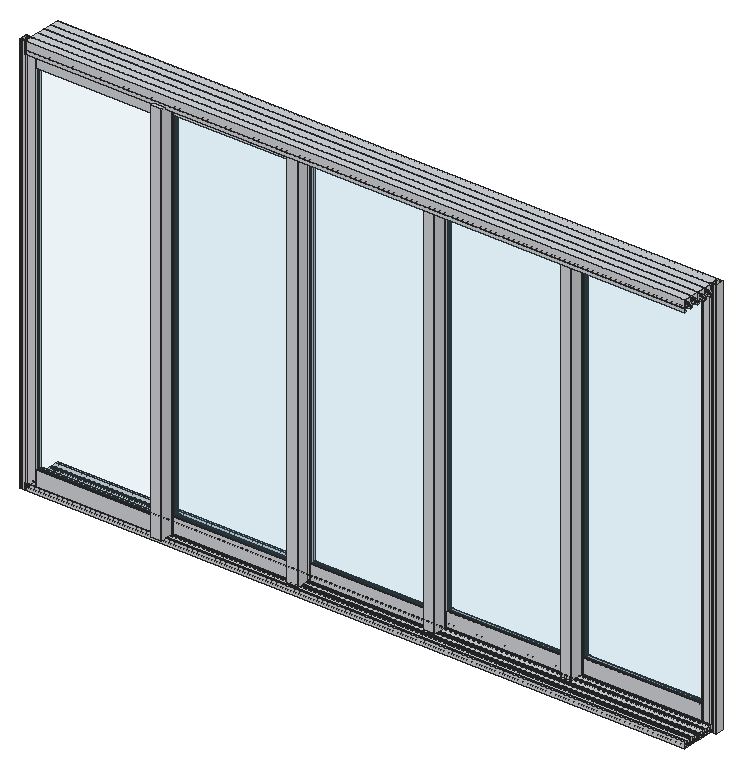
Revit family "MT-HB_SLIDING DOOR_XXXXX", category Doors, host Wall, Revit 2017 (continued)
Definition of nested family "HB_SLIDING_GLAZED PANEL_XX_TYPE 2"
  Definition of nested family "DETAIL_HB422_DBL_LOCK STILE"
    Lines and regions (mm)
      model lines, in view "Ref. Level"
        curve 115: line (78.4, -18.7, 0) -> (78.4, -16.4, 0)
        curve 116: line (78, -16, 0) -> (76.3, -16, 0)
        curve 117: line (76.1, -16.2, 0) -> (76.1, -16.6, 0)
        curve 118: line (76.3, -16.8, 0) -> (76.805, -16.8, 0)
        curve 119: line (77.205, -17.2, 0) -> (77.205, -17.791, 0)
        curve 120: arc (77.205, -17.791, 0) -> (77.169, -17.906, 0) -> (77.073, -17.979, 0) r 0.2
        curve 121: arc (77.073, -17.979, 0) -> (76.612, -18.129, 0) -> (76.142, -18.25, 0) r 7.567
Definition of nested family "HB_SLIDING_GLAZED PANEL_XXX"
  Parameters (values of type "SLIDING_GLAZED PANEL")
    YEAR = "2018"  # constant formula
    VERSION = "2.0"  # constant formula
    TODAYS DATE = "22/11/2018"  # constant formula
    Sash Material [instance] = none
    SINGLE GLAZED THICKNESS = 5 mm
    SINGLE GLAZED = not(DOUBLE GLAZED)  # no
    PANEL WIDTH = 1045.4 mm
    PANEL HEIGHT = 2890 mm
    JAMP WIDTH = if(DOUBLE GLAZED, 80 mm, 75 mm)  # 80 mm
    HEAD_JAMP HEIGHT = if(DOUBLE GLAZED, 79.5 mm, 80 mm)  # 79.5 mm
    GLAZED WIDTH [instance] = 901.4 mm
    GLAZED RAIL MATERIAL = none
    GLAZED MATERIAL = none
    Default Elevation = 1219.2 mm
    DOUBLE GLAZED THICKNESS = 18 mm
    DOUBLE GLAZED = yes
    CREATOR = "Scott Isouard"  # constant formula
    COMPANY = "Archvis"  # constant formula
    BOTTOM_JAMP HEIGHT = 120 mm  # constant formula
    Analytic Construction = "<None>"
    ANZRC COMPLIANT = "Yes"  # constant formula
    AIR POCKET = DOUBLE GLAZED THICKNESS - 10 mm  # 8 mm
  Reference planes
    plane 1 "Center (Front/Back)": y = 0
    plane 2: z = 0
    plane 3 "Center (Left/Right)": x = 0
    plane 4: x = -522.7
    plane 5: x = 522.7
    plane 6: x = -450.7
    plane 7: x = 450.7
    plane 8: z = 2890
    plane 9: z = 2810.5
    plane 10: z = 120
    plane 11: z = 1445
    plane 12: x = -442.7
    plane 13: x = 442.7
    plane 14: z = 110
    plane 15: z = 2820.5
  Forms (mm)
    Extrusion 1, solid, material <- "GLAZED MATERIAL", visible <- "SINGLE GLAZED"
      sketch origin (0, 0, 0) x (1, 0, 0) y (0, 1, 0)
        loop
          line (-450.7, 2.5) -> (-450.7, -2.5) -> (450.7, -2.5) -> (450.7, 2.5) -> (-450.7, 2.5)
      from 110 to 2820.5
    Extrusion 2, solid, material <- "GLAZED MATERIAL", visible <- "DOUBLE GLAZED"
      sketch origin (0, 0, 0) x (1, 0, 0) y (0, 1, 0)
        loop
          line (-450.7, 9) -> (-450.7, 4) -> (450.7, 4) -> (450.7, 9) -> (-450.7, 9)
        loop
          line (-450.7, -4) -> (-450.7, -9) -> (450.7, -9) -> (450.7, -4) -> (-450.7, -4)
      from 110 to 2820.5
    Sweep 3, solid, material <- "Sash Material", visible <- "SINGLE GLAZED"
      path origin (0, 0, 0) x (1, 0, 0) y (0, 0, 1)
        loop
          line (-522.7, 2890) -> (-522.7, 0)
      profile "HB106_SGL_INTERLOCK : HB28_SGL_LOCK STILE" origin (-522.7, 0, 1445) x (1, 0, 0) y (0, -1, 0)
        loop
          line (75, -22.5) -> (75, -12.7) -> (73.4, -12.7) -> (73.4, -9.5) -> (64.942, -9.5) -> (64.942, -13.93) -> (72.5, -13.93) -> (72.5, -20) -> (50, -20) -> (50, 20) -> (72.5, 20) -> (72.5, 13.93) -> (64.942, 13.93) -> (64.942, 9.5) -> (73.4, 9.5) -> (73.4, 12.7) -> (75, 12.7) -> (75, 22.5) -> (0, 22.5) -> (0, -19)
          arc (0, -19) -> (1.025, -21.475) -> (3.5, -22.5) r 3.5
          line (3.5, -22.5) -> (75, -22.5)
    Sweep 4, solid, material <- "Sash Material", visible <- "DOUBLE GLAZED"
      path origin (0, 0, 0) x (1, 0, 0) y (0, 0, 1)
        loop
          line (-442.7, 2890) -> (442.7, 2890)
      profile "HB202_TOP RAIL - DBL : HB202_TOP RAIL - DBL" origin (0, 0, 2890) x (0, 0, 1) y (0, -1, 0)
        loop
          line (0, -22.5) -> (0, -20.5) -> (-7, -20.5) -> (-7, 20.5) -> (0, 20.5) -> (0, 22.5) -> (-79.499, 22.5) -> (-79.499, 19.175) -> (-77.897, 19.175) -> (-77.897, 15.977) -> (-69.491, 15.977) -> (-69.491, 20.575) -> (-61.431, 20.575) -> (-57.041, 16.267) -> (-57.041, 6.97) -> (-59.497, 6.97) -> (-59.497, -20.5) -> (-69.493, -20.5) -> (-69.493, -16.002) -> (-77.899, -16.002) -> (-77.899, -19.2) -> (-79.499, -19.2) -> (-79.499, -22.5) -> (0, -22.5)
    Sweep 5, solid, material <- "Sash Material", visible <- "SINGLE GLAZED"
      path origin (0, 0, 0) x (1, 0, 0) y (0, 0, 1)
        loop
          line (-442.7, 2890) -> (442.7, 2890)
      profile "HB102_TOP RAIL_SGL : HB102_TOP RAIL_SGL" origin (0, 0, 2890) x (0, 0, 1) y (0, -1, 0)
        loop
          line (0, -22.5) -> (0, -20.5) -> (-7, -20.5) -> (-7, 20.5) -> (0, 20.5) -> (0, 22.5) -> (-79.999, 22.5) -> (-79.999, 12.7) -> (-78.409, 12.7) -> (-78.409, 9.5) -> (-69.993, 9.5) -> (-69.993, 11.515) -> (-64.596, 11.515) -> (-60, 6.92) -> (-60, -20.5) -> (-77.999, -20.5) -> (-77.999, -15.428)
          arc (-77.999, -15.428) -> (-77.443, -14.086) -> (-76.101, -13.53) r 1.898
          line (-76.101, -13.53) -> (-69.982, -13.53) -> (-69.982, -9.5) -> (-78.399, -9.5) -> (-78.399, -12.7) -> (-79.999, -12.7) -> (-79.999, -22.5) -> (0, -22.5)
    Sweep 6, solid, material <- "Sash Material", visible <- "SINGLE GLAZED"
      path origin (0, 0, 0) x (1, 0, 0) y (0, 0, 1)
        loop
          line (-442.7, 0) -> (442.7, 0)
      profile "HB26_BOTTOM RAIL_SGL : HB26_BOTTOM RAIL_SGL" origin (0, 0, 0) x (0, 0, 1) y (0, -1, 0)
        loop
          line (120, -22.5) -> (120, -12.7) -> (118.4, -12.7) -> (118.4, -9.5) -> (109.983, -9.5) -> (109.983, -13.498) -> (115.737, -13.498)
          arc (115.737, -13.498) -> (117.337, -14.16) -> (118, -15.76) r 2.263
          line (118, -15.76) -> (118, -20.5) -> (99.998, -20.5) -> (99.998, 6.917) -> (104.597, 11.515) -> (109.994, 11.515) -> (109.994, 9.5) -> (118.41, 9.5) -> (118.41, 12.7) -> (120, 12.7) -> (120, 22.5) -> (-0.002, 22.5) -> (-0.002, 20.5) -> (47.501, 20.5) -> (47.501, -20.5) -> (-0.002, -20.5) -> (-0.002, -22.5) -> (120, -22.5)
    Sweep 7, solid, material <- "Sash Material", visible <- "DOUBLE GLAZED"
      path origin (0, 0, 0) x (1, 0, 0) y (0, 0, 1)
        loop
          line (-442.7, 0) -> (442.7, 0)
      profile "HB426_BOTTOM RAIL_DBL : HB426_BOTTOM RAIL_DBL" origin (0, 0, 0) x (0, 0, 1) y (0, -1, 0)
        loop
          line (120, -22.5) -> (120, -19.2) -> (118.4, -19.2) -> (118.4, -16) -> (109.994, -16) -> (109.994, -20.5) -> (99.998, -20.5) -> (99.998, 6.97) -> (97.544, 6.97) -> (97.544, 16.214) -> (101.841, 20.511) -> (109.994, 20.511) -> (109.994, 16.001) -> (118.4, 16.001) -> (118.4, 19.201) -> (120, 19.201) -> (120, 22.5) -> (-0.002, 22.5) -> (-0.002, 20.4) -> (47.501, 20.4) -> (47.501, -20.4) -> (-0.002, -20.4) -> (-0.002, -22.5) -> (120, -22.5)
    Sweep 8, solid, material <- "Sash Material", visible <- "DOUBLE GLAZED"
      path origin (0, 0, 0) x (1, 0, 0) y (0, 0, 1)
        loop
          line (-522.7, 2890) -> (-522.7, 0)
      profile "HB106_DBL_INTERLOCK : HB428_SGL_LOCK STILE" origin (-522.7, 0, 1445) x (1, 0, 0) y (0, -1, 0)
        loop
          line (80, -22.5) -> (80, -19.2) -> (78.4, -19.2) -> (78.4, -16) -> (68.805, -16) -> (68.805, -20) -> (50.003, -20) -> (49.878, 20) -> (68.805, 20) -> (68.805, 16) -> (78.4, 16) -> (78.4, 19.2) -> (80, 19.2) -> (80, 22.5) -> (0, 22.5) -> (0, -19)
          arc (0, -19) -> (1.025, -21.475) -> (3.5, -22.5) r 3.5
          line (3.5, -22.5) -> (80, -22.5)
    Sweep 9, solid, material <- "Sash Material", visible <- "SINGLE GLAZED"
      path origin (0, 0, 0) x (1, 0, 0) y (0, 0, 1)
        loop
          line (522.7, 2890) -> (522.7, 0)
      profile "HB107_SGL_MEDIUM INTERLOCK : HB28_SGL_LOCK STILE" origin (522.7, 0, 1445) x (1, 0, 0) y (0, -1, 0)
        loop
          line (0, -22.5) -> (0, 59)
          arc (0, 59) -> (-1.025, 61.475) -> (-3.5, 62.5) r 3.5
          line (-3.5, 62.5) -> (-75, 62.5) -> (-75, 12.7) -> (-73.4, 12.7) -> (-73.4, 9.5) -> (-64.942, 9.5) -> (-64.942, 13.93) -> (-72.5, 13.93) -> (-72.5, 20) -> (-50, 20) -> (-50, -20) -> (-72.5, -20) -> (-72.5, -13.93) -> (-64.942, -13.93) -> (-64.942, -9.5) -> (-73.4, -9.5) -> (-73.4, -12.7) -> (-75, -12.7) -> (-75, -22.5) -> (0, -22.5)
    Sweep 10, solid, material <- "Sash Material", visible <- "DOUBLE GLAZED"
      path origin (0, 0, 0) x (1, 0, 0) y (0, 0, 1)
        loop
          line (522.7, 2890) -> (522.7, 0)
      profile "HB107_DBL_MEDIUM INTERLOCK : HB428_SGL_LOCK STILE" origin (522.7, 0, 1445) x (1, 0, 0) y (0, -1, 0)
        loop
          line (0, -22.5) -> (0, 59)
          arc (0, 59) -> (-1.025, 61.475) -> (-3.5, 62.5) r 3.5
          line (-3.5, 62.5) -> (-80, 62.5) -> (-80, 19.2) -> (-78.4, 19.2) -> (-78.4, 16) -> (-68.805, 16) -> (-68.805, 20) -> (-50, 20) -> (-50, -20) -> (-68.805, -20) -> (-68.805, -16) -> (-78.4, -16) -> (-78.4, -19.2) -> (-80, -19.2) -> (-80, -22.5) -> (0, -22.5)
  Lines and regions (mm)
    Masking region 1, detail levels coarse
      outline origin (0, 0, 0) x (1, 0, 0) y (0, 1, 0)
        loop
          line (442.7, 22.5) -> (442.7, -62.5) -> (522.7, -62.5) -> (522.7, 22.5) -> (442.7, 22.5)
        loop
          line (-522.7, 22.5) -> (-522.7, -22.5) -> (-442.7, -22.5) -> (-442.7, 22.5) -> (-522.7, 22.5)
    Masking region 2, detail levels coarse
      outline origin (0, 0, 0) x (0, 1, 0) y (0, 0, 1)
        loop
          line (22.5, 2890) -> (-22.5, 2890) -> (-22.5, 2810.5) -> (22.5, 2810.5) -> (22.5, 2890)
        loop
          line (22.5, 0) -> (22.5, 120) -> (-22.5, 120) -> (-22.5, 0) -> (22.5, 0)
  Dimensions and locks
    equal spacing: plane 4, plane 3 "Center (Left/Right)", plane 5
    "PANEL WIDTH": plane 4 to plane 5
    "PANEL HEIGHT": plane 8 to plane 2
    equal spacing: Extrusion 1 sketch curve, plane 1 "Center (Front/Back)", Extrusion 1 sketch curve
    "SINGLE GLAZED THICKNESS": Extrusion 1 sketch curve to Extrusion 1 sketch curve
    equal spacing: plane 8, plane 11, plane 2
    equal spacing: Extrusion 2 sketch curve, plane 1 "Center (Front/Back)", Extrusion 2 sketch curve  (x2)
    "AIR POCKET": Extrusion 2 sketch curve to Extrusion 2 sketch curve
    "DOUBLE GLAZED THICKNESS": Extrusion 2 sketch curve to Extrusion 2 sketch curve
    "JAMP WIDTH": plane 4 to plane 12
    "JAMP WIDTH": plane 13 to plane 5
    "HEAD_JAMP HEIGHT": plane 8 to plane 9
    locked: plane 13 to plane 7 at 8
    "BOTTOM_JAMP HEIGHT": plane 10 to plane 2
    locked: plane 6 to plane 12 at 8
    locked: plane 10 to plane 14 at 10
    locked: plane 15 to plane 9 at 10
    "GLAZED WIDTH": plane 6 to plane 7
    aligned and locked: level to plane 2
    aligned and locked: plane 6 to Extrusion 1 sketch curve
    aligned and locked: Extrusion 1 sketch curve to plane 7
    aligned and locked: plane 6 to Extrusion 2 sketch curve  (x2)
    aligned and locked: Extrusion 2 sketch curve to plane 7  (x2)
    aligned and locked: Sweep 3 sketch curve to plane 4
    aligned and locked: plane 2 to Sweep 3 sketch curve
    aligned and locked: plane 8 to Sweep 3 sketch curve
    aligned and locked: Sweep 4 sketch curve to plane 8
    aligned and locked: plane 12 to Sweep 4 sketch curve
    aligned and locked: plane 13 to Sweep 4 sketch curve
    aligned and locked: Sweep 5 sketch curve to plane 8
    aligned and locked: plane 12 to Sweep 5 sketch curve
    aligned and locked: plane 13 to Sweep 5 sketch curve
    aligned and locked: Sweep 6 sketch curve to plane 2
    aligned and locked: plane 12 to Sweep 6 sketch curve
    aligned and locked: Sweep 7 sketch curve to plane 2
    aligned and locked: plane 12 to Sweep 7 sketch curve
    aligned and locked: plane 13 to Sweep 7 sketch curve
    aligned and locked: plane 13 to Sweep 6 sketch curve
    aligned and locked: nested 1 to plane 8
    aligned and locked: nested 1 to plane 1 "Center (Front/Back)"
    aligned and locked: nested 1 to nested 2
    aligned and locked: nested 2 to plane 8
    aligned and locked: nested 3 to plane 8
    aligned and locked: nested 3 to plane 1 "Center (Front/Back)"
    aligned and locked: nested 4 to plane 8
    aligned and locked: nested 4 to plane 1 "Center (Front/Back)"
    aligned and locked: Masking region 1 sketch curve to Sweep 6  (x2)
    aligned and locked: Masking region 2 sketch curve to Sweep 3  (x2)
    aligned and locked: plane 15 to Extrusion 1
    aligned and locked: Extrusion 1 to plane 14
    aligned and locked: plane 9 to Masking region 2 sketch curve
    aligned and locked: Masking region 2 sketch curve to plane 10
    aligned and locked: nested 5 to plane 2
    aligned and locked: Extrusion 2 to Extrusion 1  (x2)
    aligned and locked: nested 6 to plane 2
    aligned and locked: nested 6 to plane 1 "Center (Front/Back)"
    aligned and locked: plane 4 to nested 7
    aligned and locked: plane 1 "Center (Front/Back)" to nested 7
    aligned and locked: plane 4 to nested 8
    aligned and locked: plane 1 "Center (Front/Back)" to nested 8
    aligned and locked: nested 9 to plane 1 "Center (Front/Back)"
    aligned and locked: nested 10 to plane 1 "Center (Front/Back)"
    aligned and locked: plane 5 to nested 9
    aligned and locked: plane 5 to nested 10
    aligned and locked: Masking region 1 to Sweep 9
  Automatic sketch dimensions
    Sweep 8 sketch curve to level = 0 mm
    Sweep 8 sketch curve to plane 4 = 0 mm
    Sweep 8 sketch curve to plane 8 = 0 mm
    Sweep 9 sketch curve to level = 0 mm
    Sweep 9 sketch curve to plane 5 = 0 mm
    Sweep 9 sketch curve to plane 8 = 0 mm
    plane 1 "Center (Front/Back)" to Masking region 1 sketch curve = 22.5 mm
    Masking region 1 sketch curve to plane 1 "Center (Front/Back)" = 22.5 mm  (x2)
    plane 1 "Center (Front/Back)" to Masking region 1 sketch curve = 62.5 mm
    Masking region 1 sketch curve to plane 5 = 0 mm
    Sweep 10 sketch curve to level = 0 mm
    Sweep 10 sketch curve to plane 5 = 0 mm
    Sweep 10 sketch curve to plane 8 = 0 mm
    plane 1 "Center (Front/Back)" to Masking region 2 sketch curve = 22.5 mm  (x2)
    Masking region 2 sketch curve to plane 1 "Center (Front/Back)" = 22.5 mm  (x2)
    Masking region 1 sketch curve to plane 4 = 0 mm
  Nested families
    nested 1: "DETAIL_HB102_TOP RAIL_SGL" at (0, 0, 2890) x (0, 1, 0) z (1, 0, 0), visible <- "SINGLE GLAZED", type "DETAIL_HB102_TOP RAIL_SGL", detail levels fine
    nested 2: "DETAIL_HB12_GLAZING BEAD" at (0, 0, 2890) x (0, 1, 0) z (1, 0, 0), visible <- "SINGLE GLAZED", type "DETAIL_HB12_GLAZING BEAD", detail levels fine
    nested 3: "DETAIL_HB202_TOP RAIL - DBL" at (0, 0, 2890) x (0, 1, 0) z (1, 0, 0), visible <- "DOUBLE GLAZED", type "DETAIL_HB202_TOP RAIL - DBL", detail levels fine
    nested 4: "DETAIL_HB412_DBL_GLAZING BEAD" at (0, 0, 2890) x (0, 1, 0) z (1, 0, 0), visible <- "DOUBLE GLAZED", type "DETAIL_HB412_DBL_GLAZING BEAD", detail levels fine
    nested 5: "DETAIL_SGL_HB_BOTTOM RAIL" at (0, 0, 120.002) x (0, -1, 0) z (1, 0, 0), visible <- "SINGLE GLAZED", type "SGL_HB_BOTTOM RAIL", detail levels fine
    nested 6: "DETAIL_DBL_HB_BOTTOM RAIL" at (0, 0, 120.002) x (0, -1, 0) z (1, 0, 0), visible <- "DOUBLE GLAZED", type "DETAIL_HB17_TOP&BOTTOM RAIL", detail levels fine
    nested 7: "DETAIL_HB106_DBL_INTERLOCK" at (-522.7, 0, 0), visible <- "DOUBLE GLAZED", type "DETAIL_HB106_DBL_INTERLOCK", detail levels fine
    nested 8: "DETAIL_HB106_SGL_ INTERLOCK" at (-522.7, 0, 0), visible <- "SINGLE GLAZED", type "DETAIL_HB106_SGL_ INTERLOCK", detail levels fine
    nested 9: "DETAIL_HB107_DBL_MEDIUM INTERLOCK" at (522.7, 0, 0) x (-1, 0, 0) z (0, 0, 1), visible <- "DOUBLE GLAZED", type "DETAIL_HB428_SGL_LOCK STILE", detail levels fine
    nested 10: "DETAIL_HB107_SGL_MEDIUM INTERLOCK" at (522.7, 0, 0) x (-1, 0, 0) z (0, 0, 1), visible <- "SINGLE GLAZED", type "DETAIL_HB28_SGL_LOCK STILE", detail levels fine
  Definition of nested family "DETAIL_HB102_TOP RAIL_SGL"
    Reference planes
      plane 1 "Center (Front/Back)": y = 0
      plane 2: z = 0
      plane 3 "Center (Left/Right)": x = 0
      plane 4: x = -22.5
      plane 5: x = 22.5
    Lines and regions (mm)
      model lines, in view "Ref. Level"
        curve 1: arc (20.5, -77.499, 0) -> (20.354, -77.853, 0) -> (20, -77.999, 0) r 0.5
        curve 2: arc (15.428, -77.999, 0) -> (13.922, -77.315, 0) -> (13.446, -75.73, 0) r 2
        curve 3: arc (13.446, -75.73, 0) -> (13.462, -73.38, 0) -> (12.88, -71.103, 0) r 9.167
        curve 4: arc (12.88, -71.103, 0) -> (12.586, -70.737, 0) -> (12.137, -70.599, 0) r 0.8
        curve 5: arc (10.5, -70.599, 0) -> (10.359, -70.541, 0) -> (10.3, -70.399, 0) r 0.2
        curve 6: arc (10.3, -70.382, 0) -> (9.9, -69.982, 0) -> (9.5, -70.382, 0) r 0.4
        curve 7: arc (9.5, -72.494, 0) -> (9.9, -72.894, 0) -> (10.3, -72.494, 0) r 0.4
        curve 8: arc (11.434, -71.799, 0) -> (11.93, -74.499, 0) -> (11.43, -77.199, 0) r 7.567
        curve 9: arc (10.3, -76.494, 0) -> (9.9, -76.094, 0) -> (9.5, -76.494, 0) r 0.4
        curve 10: arc (9.5, -77.999, 0) -> (9.617, -78.282, 0) -> (9.9, -78.399, 0) r 0.4
        curve 11: arc (12.3, -78.399, 0) -> (12.583, -78.516, 0) -> (12.7, -78.799, 0) r 0.4
        curve 12: arc (12.7, -79.599, 0) -> (12.817, -79.882, 0) -> (13.1, -79.999, 0) r 0.4
        curve 13: arc (22.1, -79.999, 0) -> (22.383, -79.882, 0) -> (22.5, -79.599, 0) r 0.4
        curve 14: arc (22.5, -0.5, 0) -> (22.354, -0.146, 0) -> (22, 0, 0) r 0.5
        curve 15: arc (21, 0, 0) -> (20.646, -0.146, 0) -> (20.5, -0.5, 0) r 0.5
        curve 16: arc (20.5, -6.5, 0) -> (20.354, -6.853, 0) -> (20, -7, 0) r 0.5
        curve 17: arc (-20, -7, 0) -> (-20.354, -6.853, 0) -> (-20.5, -6.5, 0) r 0.5
        curve 18: arc (-20.5, -0.5, 0) -> (-20.646, -0.146, 0) -> (-21, 0, 0) r 0.5
        curve 19: arc (-22, 0, 0) -> (-22.354, -0.146, 0) -> (-22.5, -0.5, 0) r 0.5
        curve 20: arc (-22.5, -59.8, 0) -> (-22.441, -59.941, 0) -> (-22.3, -60, 0) r 0.2
        curve 21: arc (-19.454, -57.853, 0) -> (-19.345, -57.308, 0) -> (-19.807, -57, 0) r 0.5
        curve 22: arc (-20.511, -57, 0) -> (-20.652, -56.941, 0) -> (-20.711, -56.8, 0) r 0.2
        curve 23: arc (-20.711, -55.6, 0) -> (-20.623, -55.388, 0) -> (-20.411, -55.3, 0) r 0.3
        curve 24: arc (-4.606, -55.3, 0) -> (-4.253, -55.446, 0) -> (-4.106, -55.8, 0) r 0.5
        curve 25: arc (-4.106, -57.8, 0) -> (-4.253, -58.153, 0) -> (-4.606, -58.3, 0) r 0.5
        curve 26: arc (-5.371, -58.3, 0) -> (-5.562, -58.262, 0) -> (-5.725, -58.153, 0) r 0.5
        curve 27: arc (-6.187, -57.691, 0) -> (-6.328, -57.633, 0) -> (-6.47, -57.691, 0) r 0.2
        curve 28: arc (-6.823, -58.045, 0) -> (-6.931, -58.207, 0) -> (-6.97, -58.398, 0) r 0.5
        curve 29: arc (-6.97, -59.5, 0) -> (-6.823, -59.853, 0) -> (-6.47, -60, 0) r 0.5
        curve 30: arc (20, -60, 0) -> (20.354, -60.146, 0) -> (20.5, -60.5, 0) r 0.5
        curve 31: arc (7.177, -57.697, 0) -> (7.327, -57.737, 0) -> (7.437, -57.847, 0) r 0.3
        curve 32: arc (7.437, -57.847, 0) -> (7.546, -57.957, 0) -> (7.696, -57.997, 0) r 0.3
        curve 33: arc (13, -57.997, 0) -> (13.354, -57.85, 0) -> (13.5, -57.497, 0) r 0.5
        curve 34: arc (13.5, -53.8, 0) -> (13.646, -53.446, 0) -> (14, -53.3, 0) r 0.5
        curve 35: arc (15, -53.3, 0) -> (15.354, -53.446, 0) -> (15.5, -53.8, 0) r 0.5
        curve 36: arc (15.5, -57.497, 0) -> (15.646, -57.85, 0) -> (16, -57.997, 0) r 0.5
        curve 37: arc (20, -57.997, 0) -> (20.354, -57.85, 0) -> (20.5, -57.497, 0) r 0.5
        curve 38: arc (20.5, -45.452, 0) -> (20.464, -45.337, 0) -> (20.368, -45.264, 0) r 0.2
        curve 39: arc (19.097, -44.801, 0) -> (18.9, -44.519, 0) -> (19.097, -44.237, 0) r 0.3
        curve 40: arc (20.368, -43.775, 0) -> (20.464, -43.701, 0) -> (20.5, -43.587, 0) r 0.2
        curve 41: arc (20.5, -19.713, 0) -> (20.464, -19.598, 0) -> (20.368, -19.525, 0) r 0.2
        curve 42: arc (19.097, -19.062, 0) -> (18.9, -18.781, 0) -> (19.097, -18.499, 0) r 0.3
        curve 43: arc (20.368, -18.036, 0) -> (20.464, -17.963, 0) -> (20.5, -17.848, 0) r 0.2
        curve 44: arc (20.5, -10.5, 0) -> (20.354, -10.146, 0) -> (20, -10, 0) r 0.5
        curve 45: arc (-20, -10, 0) -> (-20.354, -10.146, 0) -> (-20.5, -10.5, 0) r 0.5
        curve 46: arc (-20.5, -17.848, 0) -> (-20.464, -17.963, 0) -> (-20.368, -18.036, 0) r 0.2
        curve 47: arc (-19.097, -18.499, 0) -> (-18.9, -18.781, 0) -> (-19.097, -19.062, 0) r 0.3
        curve 48: arc (-20.368, -19.525, 0) -> (-20.464, -19.598, 0) -> (-20.5, -19.713, 0) r 0.2
        curve 49: arc (-20.5, -43.587, 0) -> (-20.464, -43.701, 0) -> (-20.368, -43.775, 0) r 0.2
        curve 50: arc (-19.097, -44.237, 0) -> (-18.9, -44.519, 0) -> (-19.097, -44.801, 0) r 0.3
        curve 51: arc (-20.368, -45.264, 0) -> (-20.464, -45.337, 0) -> (-20.5, -45.452, 0) r 0.2
        curve 52: arc (-20.5, -52.8, 0) -> (-20.354, -53.153, 0) -> (-20, -53.3, 0) r 0.5
        curve 53: arc (-4.606, -53.3, 0) -> (-2.839, -54.032, 0) -> (-2.106, -55.8, 0) r 2.5
        curve 54: arc (-2.106, -57.497, 0) -> (-1.96, -57.85, 0) -> (-1.606, -57.997, 0) r 0.5
        curve 55: arc (3.697, -57.997, 0) -> (3.847, -58.037, 0) -> (3.957, -58.147, 0) r 0.3
        curve 56: arc (3.957, -58.147, 0) -> (4.066, -58.257, 0) -> (4.216, -58.297, 0) r 0.3
        curve 57: arc (5.397, -58.297, 0) -> (5.609, -58.209, 0) -> (5.697, -57.997, 0) r 0.3
        curve 58: arc (5.697, -57.997, 0) -> (5.785, -57.785, 0) -> (5.997, -57.697, 0) r 0.3
        curve 59: line (20.5, -60.5, 0) -> (20.5, -77.499, 0)
        curve 60: line (20, -77.999, 0) -> (15.428, -77.999, 0)
        curve 61: line (12.137, -70.599, 0) -> (10.5, -70.599, 0)
        curve 62: line (9.5, -70.382, 0) -> (9.5, -72.494, 0)
        curve 63: line (10.3, -72.494, 0) -> (10.3, -71.799, 0)
        curve 64: line (10.3, -71.799, 0) -> (11.434, -71.799, 0)
        curve 65: line (11.43, -77.199, 0) -> (10.3, -77.199, 0)
        curve 66: line (10.3, -77.199, 0) -> (10.3, -76.494, 0)
        curve 67: line (9.5, -76.494, 0) -> (9.5, -77.999, 0)
        curve 68: line (9.9, -78.399, 0) -> (12.3, -78.399, 0)
        curve 69: line (12.7, -78.799, 0) -> (12.7, -79.599, 0)
        curve 70: line (13.1, -79.999, 0) -> (22.1, -79.999, 0)
        curve 71: line (22.5, -79.599, 0) -> (22.5, -0.5, 0)
        curve 72: line (22, 0, 0) -> (21, 0, 0)
        curve 73: line (20.5, -0.5, 0) -> (20.5, -6.5, 0)
        curve 74: line (20, -7, 0) -> (13.55, -7, 0)
        curve 75: line (13.55, -7, 0) -> (13.25, -7.3, 0)
        curve 76: line (13.25, -7.3, 0) -> (12.95, -7, 0)
        curve 77: line (12.95, -7, 0) -> (-12.95, -7, 0)
        curve 78: line (-12.95, -7, 0) -> (-13.25, -7.3, 0)
        curve 79: line (-13.25, -7.3, 0) -> (-13.55, -7, 0)
        curve 80: line (-13.55, -7, 0) -> (-20, -7, 0)
        curve 81: line (-20.5, -6.5, 0) -> (-20.5, -0.5, 0)
        curve 82: line (-21, 0, 0) -> (-22, 0, 0)
        curve 83: line (-22.5, -0.5, 0) -> (-22.5, -59.8, 0)
        curve 84: line (-22.3, -60, 0) -> (-21.683, -60, 0)
        curve 85: line (-21.683, -60, 0) -> (-19.454, -57.853, 0)
        curve 86: line (-19.807, -57, 0) -> (-20.511, -57, 0)
        curve 87: line (-20.711, -56.8, 0) -> (-20.711, -55.6, 0)
        curve 88: line (-20.411, -55.3, 0) -> (-13.55, -55.3, 0)
        curve 89: line (-13.55, -55.3, 0) -> (-13.25, -55, 0)
        curve 90: line (-13.25, -55, 0) -> (-12.95, -55.3, 0)
        curve 91: line (-12.95, -55.3, 0) -> (-4.606, -55.3, 0)
        curve 92: line (-4.106, -55.8, 0) -> (-4.106, -57.8, 0)
        curve 93: line (-4.606, -58.3, 0) -> (-5.371, -58.3, 0)
        curve 94: line (-5.725, -58.153, 0) -> (-6.187, -57.691, 0)
        curve 95: line (-6.47, -57.691, 0) -> (-6.823, -58.045, 0)
        curve 96: line (-6.97, -58.398, 0) -> (-6.97, -59.5, 0)
        curve 97: line (-6.47, -60, 0) -> (20, -60, 0)
        curve 98: line (7.696, -57.997, 0) -> (13, -57.997, 0)
        curve 99: line (13.5, -57.497, 0) -> (13.5, -53.8, 0)
        curve 100: line (14, -53.3, 0) -> (15, -53.3, 0)
        curve 101: line (15.5, -53.8, 0) -> (15.5, -57.497, 0)
        curve 102: line (16, -57.997, 0) -> (20, -57.997, 0)
        curve 103: line (20.5, -57.497, 0) -> (20.5, -45.452, 0)
        curve 104: line (20.368, -45.264, 0) -> (19.097, -44.801, 0)
        curve 105: line (19.097, -44.237, 0) -> (20.368, -43.775, 0)
        curve 106: line (20.5, -43.587, 0) -> (20.5, -19.713, 0)
        curve 107: line (20.368, -19.525, 0) -> (19.097, -19.062, 0)
        curve 108: line (19.097, -18.499, 0) -> (20.368, -18.036, 0)
        curve 109: line (20.5, -17.848, 0) -> (20.5, -10.5, 0)
        curve 110: line (20, -10, 0) -> (-20, -10, 0)
        curve 111: line (-20.5, -10.5, 0) -> (-20.5, -17.848, 0)
        curve 112: line (-20.368, -18.036, 0) -> (-19.097, -18.499, 0)
        curve 113: line (-19.097, -19.062, 0) -> (-20.368, -19.525, 0)
        curve 114: line (-20.5, -19.713, 0) -> (-20.5, -43.587, 0)
        curve 115: line (-20.368, -43.775, 0) -> (-19.097, -44.237, 0)
        curve 116: line (-19.097, -44.801, 0) -> (-20.368, -45.264, 0)
        curve 117: line (-20.5, -45.452, 0) -> (-20.5, -52.8, 0)
        curve 118: line (-20, -53.3, 0) -> (-4.606, -53.3, 0)
        curve 119: line (-2.106, -55.8, 0) -> (-2.106, -57.497, 0)
        curve 120: line (-1.606, -57.997, 0) -> (3.697, -57.997, 0)
        curve 121: line (4.216, -58.297, 0) -> (5.397, -58.297, 0)
        curve 122: line (5.997, -57.697, 0) -> (7.177, -57.697, 0)
    Dimensions and locks
      plane 4 to plane 3 "Center (Left/Right)" = 22.5 mm
  Definition of nested family "DETAIL_HB12_GLAZING BEAD"
    Reference planes
      plane 1 "Center (Front/Back)": y = 0
      plane 2: z = 0
      plane 3 "Center (Left/Right)": x = 0
      plane 4: x = -22.5
    Lines and regions (mm)
      model lines, in view "Ref. Level"
        curve 1: arc (-19.607, -55.582, 0) -> (-19.825, -55.767, 0) -> (-19.907, -56.041, 0) r 0.5
        curve 2: arc (-19.907, -56.333, 0) -> (-19.84, -56.583, 0) -> (-19.657, -56.766, 0) r 0.5
        curve 3: arc (-19.657, -56.766, 0) -> (-19.474, -56.949, 0) -> (-19.407, -57.199, 0) r 0.5
        curve 4: arc (-19.407, -57.98, 0) -> (-19.483, -58.363, 0) -> (-19.7, -58.688, 0) r 1
        curve 5: arc (-20.819, -59.807, 0) -> (-21.144, -60.024, 0) -> (-21.527, -60.1, 0) r 1
        curve 6: arc (-22.3, -60.1, 0) -> (-22.443, -60.16, 0) -> (-22.5, -60.303, 0) r 0.2
        curve 7: arc (-22.165, -79.508, 0) -> (-22.015, -79.856, 0) -> (-21.665, -79.999, 0) r 0.5
        curve 8: arc (-13.1, -79.999, 0) -> (-12.817, -79.882, 0) -> (-12.7, -79.599, 0) r 0.4
        curve 9: arc (-12.7, -78.809, 0) -> (-12.583, -78.526, 0) -> (-12.3, -78.409, 0) r 0.4
        curve 10: arc (-9.9, -78.409, 0) -> (-9.617, -78.292, 0) -> (-9.5, -78.009, 0) r 0.4
        curve 11: arc (-9.5, -76.504, 0) -> (-9.9, -76.104, 0) -> (-10.3, -76.504, 0) r 0.4
        curve 12: arc (-11.43, -77.209, 0) -> (-11.93, -74.509, 0) -> (-11.434, -71.809, 0) r 7.567
        curve 13: arc (-10.3, -72.504, 0) -> (-9.9, -72.904, 0) -> (-9.5, -72.504, 0) r 0.4
        curve 14: arc (-9.5, -70.392, 0) -> (-9.876, -69.993, 0) -> (-10.297, -70.345, 0) r 0.4
        curve 15: arc (-10.297, -70.345, 0) -> (-10.396, -70.534, 0) -> (-10.595, -70.609, 0) r 0.3
        curve 16: arc (-11.215, -70.609, 0) -> (-11.428, -70.521, 0) -> (-11.515, -70.309, 0) r 0.3
        curve 17: arc (-11.515, -65.838, 0) -> (-11.287, -64.69, 0) -> (-10.637, -63.717, 0) r 3
        curve 18: arc (-7.848, -60.929, 0) -> (-7.198, -59.955, 0) -> (-6.97, -58.807, 0) r 3
        curve 19: arc (-6.97, -57.585, 0) -> (-6.661, -57.123, 0) -> (-6.116, -57.232, 0) r 0.5
        curve 20: arc (-5.341, -58.007, 0) -> (-4.634, -58.007, 0) -> (-4.634, -57.3, 0) r 0.5
        curve 21: arc (-5.444, -56.489, 0) -> (-5.931, -56.164, 0) -> (-6.505, -56.05, 0) r 1.5
        curve 22: arc (-9.964, -55.8, 0) -> (-10.111, -55.446, 0) -> (-10.464, -55.3, 0) r 0.5
        curve 23: arc (-10.464, -55.3, 0) -> (-10.818, -55.446, 0) -> (-10.964, -55.8, 0) r 0.5
        curve 24: arc (-10.964, -56.75, 0) -> (-10.818, -57.103, 0) -> (-10.464, -57.25, 0) r 0.5
        curve 25: arc (-8.67, -57.25, 0) -> (-8.316, -57.396, 0) -> (-8.17, -57.75, 0) r 0.5
        curve 26: arc (-8.17, -58.807, 0) -> (-8.307, -59.496, 0) -> (-8.697, -60.08, 0) r 1.8
        curve 27: arc (-11.485, -62.869, 0) -> (-12.396, -64.231, 0) -> (-12.715, -65.838, 0) r 4.2
        curve 28: arc (-12.741, -70.784, 0) -> (-13.44, -73.226, 0) -> (-13.443, -75.765, 0) r 9.167
        curve 29: arc (-13.443, -75.765, 0) -> (-14.032, -77.749, 0) -> (-15.919, -78.599, 0) r 2.486
        curve 30: arc (-20.489, -78.599, 0) -> (-20.839, -78.456, 0) -> (-20.989, -78.108, 0) r 0.5
        curve 31: arc (-21.261, -62.519, 0) -> (-21.188, -62.127, 0) -> (-20.968, -61.794, 0) r 1
        curve 32: arc (-18.5, -59.326, 0) -> (-18.284, -59.002, 0) -> (-18.208, -58.619, 0) r 1
        curve 33: line (-19.907, -56.041, 0) -> (-19.907, -56.333, 0)
        curve 34: line (-19.407, -57.199, 0) -> (-19.407, -57.98, 0)
        curve 35: line (-19.7, -58.688, 0) -> (-20.819, -59.807, 0)
        curve 36: line (-21.527, -60.1, 0) -> (-22.3, -60.1, 0)
        curve 37: line (-22.5, -60.303, 0) -> (-22.165, -79.508, 0)
        curve 38: line (-21.665, -79.999, 0) -> (-13.1, -79.999, 0)
        curve 39: line (-12.7, -79.599, 0) -> (-12.7, -78.809, 0)
        curve 40: line (-12.3, -78.409, 0) -> (-9.9, -78.409, 0)
        curve 41: line (-9.5, -78.009, 0) -> (-9.5, -76.504, 0)
        curve 42: line (-10.3, -76.504, 0) -> (-10.3, -77.209, 0)
        curve 43: line (-10.3, -77.209, 0) -> (-11.43, -77.209, 0)
        curve 44: line (-11.434, -71.809, 0) -> (-10.3, -71.809, 0)
        curve 45: line (-10.3, -71.809, 0) -> (-10.3, -72.504, 0)
        curve 46: line (-9.5, -72.504, 0) -> (-9.5, -70.392, 0)
        curve 47: line (-10.595, -70.609, 0) -> (-11.215, -70.609, 0)
        curve 48: line (-11.515, -70.309, 0) -> (-11.515, -65.838, 0)
        curve 49: line (-10.637, -63.717, 0) -> (-7.848, -60.929, 0)
        curve 50: line (-6.97, -58.807, 0) -> (-6.97, -57.585, 0)
        curve 51: line (-6.116, -57.232, 0) -> (-5.341, -58.007, 0)
        curve 52: line (-4.634, -57.3, 0) -> (-5.444, -56.489, 0)
        curve 53: line (-6.505, -56.05, 0) -> (-9.964, -56.05, 0)
        curve 54: line (-9.964, -56.05, 0) -> (-9.964, -55.8, 0)
        curve 55: line (-10.964, -55.8, 0) -> (-10.964, -56.75, 0)
        curve 56: line (-10.464, -57.25, 0) -> (-8.67, -57.25, 0)
        curve 57: line (-8.17, -57.75, 0) -> (-8.17, -58.807, 0)
        curve 58: line (-8.697, -60.08, 0) -> (-11.485, -62.869, 0)
        curve 59: line (-12.715, -65.838, 0) -> (-12.715, -70.662, 0)
        curve 60: line (-15.919, -78.599, 0) -> (-20.489, -78.599, 0)
        curve 61: line (-20.989, -78.108, 0) -> (-21.261, -62.519, 0)
        curve 62: line (-20.968, -61.794, 0) -> (-18.5, -59.326, 0)
        curve 63: line (-18.208, -58.619, 0) -> (-18.208, -56.499, 0)
        curve 64: arc (-18.208, -56.499, 0) -> (-18.66, -55.663, 0) -> (-19.607, -55.582, 0) r 1
  Definition of nested family "DETAIL_HB202_TOP RAIL - DBL"
    Reference planes
      plane 1 "Center (Front/Back)": y = 0
      plane 2: z = 0
      plane 3 "Center (Left/Right)": x = 0
      plane 4: x = -22.5
      plane 5: x = 22.5
    Lines and regions (mm)
      model lines, in view "Ref. Level"
        curve 1: arc (20.5, -6.5, 0) -> (20.354, -6.854, 0) -> (20, -7, 0) r 0.5
        curve 2: arc (-20, -7, 0) -> (-20.354, -6.854, 0) -> (-20.5, -6.5, 0) r 0.5
        curve 3: arc (-20.5, -0.5, 0) -> (-20.646, -0.146, 0) -> (-21, 0, 0) r 0.5
        curve 4: arc (-22, 0, 0) -> (-22.354, -0.146, 0) -> (-22.5, -0.5, 0) r 0.5
        curve 5: arc (-22.5, -59.3, 0) -> (-22.441, -59.441, 0) -> (-22.3, -59.5, 0) r 0.2
        curve 6: arc (-19.454, -57.354, 0) -> (-19.345, -56.809, 0) -> (-19.807, -56.5, 0) r 0.5
        curve 7: arc (-20.3, -56.5, 0) -> (-20.441, -56.441, 0) -> (-20.5, -56.3, 0) r 0.2
        curve 8: arc (-20.5, -55.1, 0) -> (-20.412, -54.888, 0) -> (-20.2, -54.8, 0) r 0.3
        curve 9: arc (-4.606, -54.8, 0) -> (-4.253, -54.946, 0) -> (-4.106, -55.3, 0) r 0.5
        curve 10: arc (-4.106, -57.3, 0) -> (-4.253, -57.654, 0) -> (-4.606, -57.8, 0) r 0.5
        curve 11: arc (-5.371, -57.8, 0) -> (-5.562, -57.762, 0) -> (-5.725, -57.654, 0) r 0.5
        curve 12: arc (-6.187, -57.191, 0) -> (-6.328, -57.133, 0) -> (-6.47, -57.191, 0) r 0.2
        curve 13: arc (-6.823, -57.545, 0) -> (-6.931, -57.707, 0) -> (-6.97, -57.899, 0) r 0.5
        curve 14: arc (-6.97, -59, 0) -> (-6.842, -59.334, 0) -> (-6.524, -59.497, 0) r 0.5
        curve 15: arc (20, -59.497, 0) -> (20.354, -59.644, 0) -> (20.5, -59.997, 0) r 0.5
        curve 16: arc (20.5, -70.884, 0) -> (20.302, -71.283, 0) -> (19.864, -71.365, 0) r 0.5
        curve 17: arc (19.864, -71.365, 0) -> (19.697, -71.327, 0) -> (19.528, -71.305, 0) r 1.7
        curve 18: arc (19.528, -71.305, 0) -> (19.264, -71.205, 0) -> (19.097, -70.979, 0) r 0.5
        curve 19: arc (19.097, -70.979, 0) -> (18.947, -70.597, 0) -> (18.779, -70.223, 0) r 8.767
        curve 20: arc (18.779, -70.223, 0) -> (18.706, -70.14, 0) -> (18.599, -70.109, 0) r 0.2
        curve 21: arc (17.197, -70.109, 0) -> (16.998, -70.034, 0) -> (16.9, -69.845, 0) r 0.3
        curve 22: arc (16.9, -69.845, 0) -> (16.479, -69.493, 0) -> (16.102, -69.893, 0) r 0.4
        curve 23: arc (16.102, -71.978, 0) -> (16.489, -72.404, 0) -> (16.902, -72.004, 0) r 0.4
        curve 24: arc (18.036, -71.3, 0) -> (18.211, -71.816, 0) -> (18.349, -72.344, 0) r 7.567
        curve 25: arc (18.349, -72.344, 0) -> (18.419, -72.456, 0) -> (18.544, -72.5, 0) r 0.2
        curve 26: arc (19.5, -72.5, 0) -> (19.854, -72.647, 0) -> (20, -73, 0) r 0.5
        curve 27: arc (20, -75, 0) -> (19.854, -75.354, 0) -> (19.5, -75.5, 0) r 0.5
        curve 28: arc (18.548, -75.5, 0) -> (18.419, -75.542, 0) -> (18.346, -75.656, 0) r 0.2
        curve 29: arc (18.346, -75.656, 0) -> (18.206, -76.184, 0) -> (18.03, -76.7, 0) r 7.567
        curve 30: arc (16.9, -76.01, 0) -> (16.508, -75.594, 0) -> (16.1, -75.994, 0) r 0.4
        curve 31: arc (16.1, -77.499, 0) -> (16.217, -77.782, 0) -> (16.5, -77.899, 0) r 0.4
        curve 32: arc (18.8, -77.899, 0) -> (19.154, -78.046, 0) -> (19.3, -78.399, 0) r 0.5
        curve 33: arc (19.3, -79.099, 0) -> (19.417, -79.382, 0) -> (19.7, -79.499, 0) r 0.4
        curve 34: arc (22.1, -79.499, 0) -> (22.383, -79.382, 0) -> (22.5, -79.099, 0) r 0.4
        curve 35: arc (22.5, -0.5, 0) -> (22.354, -0.146, 0) -> (22, 0, 0) r 0.5
        curve 36: arc (21, 0, 0) -> (20.646, -0.146, 0) -> (20.5, -0.5, 0) r 0.5
        curve 37: arc (13.5, -53.3, 0) -> (13.646, -52.946, 0) -> (14, -52.8, 0) r 0.5
        curve 38: arc (15, -52.8, 0) -> (15.354, -52.946, 0) -> (15.5, -53.3, 0) r 0.5
        curve 39: arc (15.5, -56.997, 0) -> (15.646, -57.351, 0) -> (16, -57.497, 0) r 0.5
        curve 40: arc (20, -57.497, 0) -> (20.354, -57.351, 0) -> (20.5, -56.997, 0) r 0.5
        curve 41: arc (20.5, -44.952, 0) -> (20.464, -44.837, 0) -> (20.368, -44.764, 0) r 0.2
        curve 42: arc (19.097, -44.301, 0) -> (18.9, -44.019, 0) -> (19.097, -43.737, 0) r 0.3
        curve 43: arc (20.368, -43.275, 0) -> (20.464, -43.202, 0) -> (20.5, -43.087, 0) r 0.2
        curve 44: arc (20.5, -19.213, 0) -> (20.464, -19.098, 0) -> (20.368, -19.025, 0) r 0.2
        curve 45: arc (19.097, -18.563, 0) -> (18.9, -18.281, 0) -> (19.097, -17.999, 0) r 0.3
        curve 46: arc (20.368, -17.536, 0) -> (20.464, -17.463, 0) -> (20.5, -17.348, 0) r 0.2
        curve 47: arc (20.5, -10, 0) -> (20.354, -9.646, 0) -> (20, -9.5, 0) r 0.5
        curve 48: arc (-20, -9.5, 0) -> (-20.354, -9.646, 0) -> (-20.5, -10, 0) r 0.5
        curve 49: arc (-20.5, -17.348, 0) -> (-20.464, -17.463, 0) -> (-20.368, -17.536, 0) r 0.2
        curve 50: arc (-19.097, -17.999, 0) -> (-18.9, -18.281, 0) -> (-19.097, -18.563, 0) r 0.3
        curve 51: arc (-20.368, -19.025, 0) -> (-20.464, -19.098, 0) -> (-20.5, -19.213, 0) r 0.2
        curve 52: arc (-20.5, -43.087, 0) -> (-20.464, -43.202, 0) -> (-20.368, -43.275, 0) r 0.2
        curve 53: arc (-19.097, -43.737, 0) -> (-18.9, -44.019, 0) -> (-19.097, -44.301, 0) r 0.3
        curve 54: arc (-20.368, -44.764, 0) -> (-20.464, -44.837, 0) -> (-20.5, -44.952, 0) r 0.2
        curve 55: arc (-20.5, -52.3, 0) -> (-20.354, -52.654, 0) -> (-20, -52.8, 0) r 0.5
        curve 56: arc (-4.606, -52.8, 0) -> (-2.839, -53.532, 0) -> (-2.106, -55.3, 0) r 2.5
        curve 57: arc (-2.106, -56.997, 0) -> (-1.96, -57.351, 0) -> (-1.606, -57.497, 0) r 0.5
        curve 58: line (20.5, -0.5, 0) -> (20.5, -6.5, 0)
        curve 59: line (20, -7, 0) -> (13.75, -7, 0)
        curve 60: line (13.75, -7, 0) -> (13.25, -7.5, 0)
        curve 61: line (13.25, -7.5, 0) -> (12.75, -7, 0)
        curve 62: line (12.75, -7, 0) -> (-12.75, -7, 0)
        curve 63: line (-12.75, -7, 0) -> (-13.25, -7.5, 0)
        curve 64: line (-13.25, -7.5, 0) -> (-13.75, -7, 0)
        curve 65: line (-13.75, -7, 0) -> (-20, -7, 0)
        curve 66: line (-20.5, -6.5, 0) -> (-20.5, -0.5, 0)
        curve 67: line (-21, 0, 0) -> (-22, 0, 0)
        curve 68: line (-22.5, -0.5, 0) -> (-22.5, -59.3, 0)
        curve 69: line (-22.3, -59.5, 0) -> (-21.683, -59.5, 0)
        curve 70: line (-21.683, -59.5, 0) -> (-19.454, -57.354, 0)
        curve 71: line (-19.807, -56.5, 0) -> (-20.3, -56.5, 0)
        curve 72: line (-20.5, -56.3, 0) -> (-20.5, -55.1, 0)
        curve 73: line (-20.2, -54.8, 0) -> (-13.75, -54.8, 0)
        curve 74: line (-13.75, -54.8, 0) -> (-13.25, -54.3, 0)
        curve 75: line (-13.25, -54.3, 0) -> (-12.75, -54.8, 0)
        curve 76: line (-12.75, -54.8, 0) -> (-4.606, -54.8, 0)
        curve 77: line (-4.106, -55.3, 0) -> (-4.106, -57.3, 0)
        curve 78: line (-4.606, -57.8, 0) -> (-5.371, -57.8, 0)
        curve 79: line (-5.725, -57.654, 0) -> (-6.187, -57.191, 0)
        curve 80: line (-6.47, -57.191, 0) -> (-6.823, -57.545, 0)
        curve 81: line (-6.97, -57.899, 0) -> (-6.97, -59, 0)
        curve 82: line (-6.524, -59.497, 0) -> (20, -59.497, 0)
        curve 83: line (20.5, -59.997, 0) -> (20.5, -70.884, 0)
        curve 84: line (18.599, -70.109, 0) -> (17.197, -70.109, 0)
        curve 85: line (16.102, -69.893, 0) -> (16.102, -71.978, 0)
        curve 86: line (16.902, -72.004, 0) -> (16.902, -71.3, 0)
        curve 87: line (16.902, -71.3, 0) -> (18.036, -71.3, 0)
        curve 88: line (18.544, -72.5, 0) -> (19.5, -72.5, 0)
        curve 89: line (20, -73, 0) -> (20, -75, 0)
        curve 90: line (19.5, -75.5, 0) -> (18.548, -75.5, 0)
        curve 91: line (18.03, -76.7, 0) -> (16.9, -76.7, 0)
        curve 92: line (16.9, -76.7, 0) -> (16.9, -76.01, 0)
        curve 93: line (16.1, -75.994, 0) -> (16.1, -77.499, 0)
        curve 94: line (16.5, -77.899, 0) -> (18.8, -77.899, 0)
        curve 95: line (19.3, -78.399, 0) -> (19.3, -79.099, 0)
        curve 96: line (19.7, -79.499, 0) -> (22.1, -79.499, 0)
        curve 97: line (22.5, -79.099, 0) -> (22.5, -0.5, 0)
        curve 98: line (22, 0, 0) -> (21, 0, 0)
        curve 99: line (13.5, -56.997, 0) -> (13.5, -53.3, 0)
        curve 100: line (14, -52.8, 0) -> (15, -52.8, 0)
        curve 101: line (15.5, -53.3, 0) -> (15.5, -56.997, 0)
        curve 102: line (16, -57.497, 0) -> (20, -57.497, 0)
        curve 103: line (20.5, -56.997, 0) -> (20.5, -44.952, 0)
        curve 104: line (20.368, -44.764, 0) -> (19.097, -44.301, 0)
        curve 105: line (19.097, -43.737, 0) -> (20.368, -43.275, 0)
        curve 106: line (20.5, -43.087, 0) -> (20.5, -19.213, 0)
        curve 107: line (20.368, -19.025, 0) -> (19.097, -18.563, 0)
        curve 108: line (19.097, -17.999, 0) -> (20.368, -17.536, 0)
        curve 109: line (20.5, -17.348, 0) -> (20.5, -10, 0)
        curve 110: line (20, -9.5, 0) -> (-20, -9.5, 0)
        curve 111: line (-20.5, -10, 0) -> (-20.5, -17.348, 0)
        curve 112: line (-20.368, -17.536, 0) -> (-19.097, -17.999, 0)
        curve 113: line (-19.097, -18.563, 0) -> (-20.368, -19.025, 0)
        curve 114: line (-20.5, -19.213, 0) -> (-20.5, -43.087, 0)
        curve 115: line (-20.368, -43.275, 0) -> (-19.097, -43.737, 0)
        curve 116: line (-19.097, -44.301, 0) -> (-20.368, -44.764, 0)
        curve 117: line (-20.5, -44.952, 0) -> (-20.5, -52.3, 0)
        curve 118: line (-20, -52.8, 0) -> (-4.606, -52.8, 0)
        curve 119: line (-2.106, -55.3, 0) -> (-2.106, -56.997, 0)
        curve 120: line (-1.606, -57.497, 0) -> (13, -57.497, 0)
        curve 121: arc (13, -57.497, 0) -> (13.354, -57.351, 0) -> (13.5, -56.997, 0) r 0.5
  Definition of nested family "DETAIL_HB412_DBL_GLAZING BEAD"
    Reference planes
      plane 1 "Center (Front/Back)": y = 0
      plane 2: z = 0
      plane 3 "Center (Left/Right)": x = 0
      plane 4: x = -22.5
    Lines and regions (mm)
      model lines, in view "Ref. Level"
        curve 1: arc (-16.905, -69.83, 0) -> (-16.484, -69.478, 0) -> (-16.108, -69.878, 0) r 0.4
        curve 2: arc (-16.108, -71.963, 0) -> (-16.494, -72.389, 0) -> (-16.907, -71.989, 0) r 0.4
        curve 3: arc (-18.041, -71.285, 0) -> (-18.217, -71.801, 0) -> (-18.355, -72.329, 0) r 7.567
        curve 4: arc (-18.355, -72.329, 0) -> (-18.425, -72.441, 0) -> (-18.55, -72.485, 0) r 0.2
        curve 5: arc (-19.506, -72.485, 0) -> (-19.859, -72.632, 0) -> (-20.005, -72.985, 0) r 0.5
        curve 6: arc (-20.005, -74.985, 0) -> (-19.859, -75.339, 0) -> (-19.505, -75.485, 0) r 0.5
        curve 7: arc (-18.554, -75.485, 0) -> (-18.424, -75.527, 0) -> (-18.351, -75.641, 0) r 0.2
        curve 8: arc (-18.351, -75.641, 0) -> (-18.212, -76.169, 0) -> (-18.035, -76.685, 0) r 7.567
        curve 9: arc (-16.905, -75.994, 0) -> (-16.513, -75.579, 0) -> (-16.105, -75.979, 0) r 0.4
        curve 10: arc (-16.105, -77.484, 0) -> (-16.223, -77.767, 0) -> (-16.505, -77.884, 0) r 0.4
        curve 11: arc (-18.805, -77.884, 0) -> (-19.159, -78.031, 0) -> (-19.305, -78.384, 0) r 0.5
        curve 12: arc (-19.305, -79.084, 0) -> (-19.423, -79.367, 0) -> (-19.705, -79.484, 0) r 0.4
        curve 13: arc (-21.655, -79.484, 0) -> (-22.006, -79.341, 0) -> (-22.155, -78.993, 0) r 0.5
        curve 14: arc (-22.5, -59.688, 0) -> (-22.443, -59.545, 0) -> (-22.3, -59.485, 0) r 0.2
        curve 15: arc (-19.458, -57.62, 0) -> (-19.35, -57.458, 0) -> (-19.312, -57.267, 0) r 0.5
        curve 16: arc (-19.312, -56.752, 0) -> (-19.334, -56.605, 0) -> (-19.398, -56.471, 0) r 0.5
        curve 17: arc (-19.398, -56.471, 0) -> (-19.445, -55.878, 0) -> (-18.958, -55.536, 0) r 0.6
        curve 18: arc (-18.338, -55.536, 0) -> (-18.212, -55.491, 0) -> (-18.143, -55.377, 0) r 0.2
        curve 19: arc (-18.143, -55.377, 0) -> (-17.403, -54.778, 0) -> (-16.662, -55.377, 0) r 0.757
        curve 20: arc (-16.662, -55.377, 0) -> (-16.592, -55.49, 0) -> (-16.466, -55.535, 0) r 0.2
        curve 21: arc (-5.92, -55.535, 0) -> (-5.144, -55.784, 0) -> (-4.812, -56.529, 0) r 1
        curve 22: arc (-4.812, -56.828, 0) -> (-4.871, -56.969, 0) -> (-5.012, -57.028, 0) r 0.2
        curve 23: arc (-17.016, -57.033, 0) -> (-17.359, -57.169, 0) -> (-17.515, -57.504, 0) r 0.5
        curve 24: arc (-17.515, -57.504, 0) -> (-17.686, -58.208, 0) -> (-18.097, -58.804, 0) r 2
        curve 25: arc (-20.708, -61.418, 0) -> (-20.752, -61.484, 0) -> (-20.766, -61.563, 0) r 0.2
        curve 26: arc (-20.6, -70.876, 0) -> (-20.398, -71.268, 0) -> (-19.965, -71.349, 0) r 0.5
        curve 27: arc (-19.965, -71.349, 0) -> (-19.801, -71.311, 0) -> (-19.634, -71.29, 0) r 1.7
        curve 28: arc (-19.634, -71.29, 0) -> (-19.37, -71.19, 0) -> (-19.202, -70.963, 0) r 0.5
        curve 29: arc (-19.202, -70.963, 0) -> (-19.052, -70.582, 0) -> (-18.885, -70.208, 0) r 8.767
        curve 30: arc (-18.885, -70.208, 0) -> (-18.811, -70.125, 0) -> (-18.704, -70.094, 0) r 0.2
        curve 31: line (-16.108, -69.878, 0) -> (-16.108, -71.963, 0)
        curve 32: line (-16.907, -71.989, 0) -> (-16.907, -71.285, 0)
        curve 33: line (-16.907, -71.285, 0) -> (-18.041, -71.285, 0)
        curve 34: line (-18.55, -72.485, 0) -> (-19.506, -72.485, 0)
        curve 35: line (-20.005, -72.985, 0) -> (-20.005, -74.985, 0)
        curve 36: line (-19.505, -75.485, 0) -> (-18.554, -75.485, 0)
        curve 37: line (-18.035, -76.685, 0) -> (-16.905, -76.685, 0)
        curve 38: line (-16.905, -76.685, 0) -> (-16.905, -75.994, 0)
        curve 39: line (-16.105, -75.979, 0) -> (-16.105, -77.484, 0)
        curve 40: line (-16.505, -77.884, 0) -> (-18.805, -77.884, 0)
        curve 41: line (-19.305, -78.384, 0) -> (-19.305, -79.084, 0)
        curve 42: line (-19.705, -79.484, 0) -> (-21.655, -79.484, 0)
        curve 43: line (-22.155, -78.993, 0) -> (-22.5, -59.688, 0)
        curve 44: line (-22.3, -59.485, 0) -> (-21.404, -59.485, 0)
        curve 45: line (-21.404, -59.485, 0) -> (-19.458, -57.62, 0)
        curve 46: line (-19.312, -57.267, 0) -> (-19.312, -56.752, 0)
        curve 47: line (-18.958, -55.536, 0) -> (-18.338, -55.536, 0)
        curve 48: line (-16.466, -55.535, 0) -> (-5.92, -55.535, 0)
        curve 49: line (-4.812, -56.529, 0) -> (-4.812, -56.828, 0)
        curve 50: line (-5.012, -57.028, 0) -> (-16.916, -57.028, 0)
        curve 51: line (-18.097, -58.804, 0) -> (-20.708, -61.418, 0)
        curve 52: line (-20.708, -61.418, 0) -> (-20.6, -70.876, 0)
        curve 53: line (-18.704, -70.094, 0) -> (-17.203, -70.094, 0)
        curve 54: arc (-17.203, -70.094, 0) -> (-17.004, -70.019, 0) -> (-16.905, -69.83, 0) r 0.3
  Definition of nested family "DETAIL_SGL_HB_BOTTOM RAIL"
    Reference planes
      plane 1 "Center (Front/Back)": y = 0
      plane 2: z = 0
      plane 3 "Center (Left/Right)": x = 0
      plane 4: x = -22.5
      plane 5: x = 22.5
      plane 6: y = -120.002
    Lines and regions (mm)
      model lines, in view "Ref. Level"
        curve 1: arc (20, -72.499, 0) -> (20.354, -72.646, 0) -> (20.5, -72.999, 0) r 0.5
        curve 2: arc (20.5, -119.502, 0) -> (20.646, -119.856, 0) -> (21, -120.002, 0) r 0.5
        curve 3: arc (22.1, -120.002, 0) -> (22.414, -119.844, 0) -> (22.5, -119.502, 0) r 0.423
        curve 4: arc (22.5, -20.199, 0) -> (22.441, -20.058, 0) -> (22.3, -19.999, 0) r 0.2
        curve 5: arc (19.454, -22.146, 0) -> (19.345, -22.691, 0) -> (19.807, -22.999, 0) r 0.5
        curve 6: arc (20.511, -22.999, 0) -> (20.652, -23.058, 0) -> (20.711, -23.199, 0) r 0.2
        curve 7: arc (20.711, -24.399, 0) -> (20.623, -24.611, 0) -> (20.411, -24.699, 0) r 0.3
        curve 8: arc (4.606, -24.699, 0) -> (4.253, -24.553, 0) -> (4.106, -24.199, 0) r 0.5
        curve 9: arc (4.106, -22.199, 0) -> (4.253, -21.846, 0) -> (4.606, -21.699, 0) r 0.5
        curve 10: arc (5.371, -21.699, 0) -> (5.562, -21.737, 0) -> (5.725, -21.846, 0) r 0.5
        curve 11: arc (6.187, -22.308, 0) -> (6.328, -22.366, 0) -> (6.47, -22.308, 0) r 0.2
        curve 12: arc (6.823, -21.954, 0) -> (6.931, -21.792, 0) -> (6.97, -21.601, 0) r 0.5
        curve 13: arc (6.97, -20.499, 0) -> (6.842, -20.165, 0) -> (6.524, -20.002, 0) r 0.5
        curve 14: arc (-20, -20.002, 0) -> (-20.354, -19.856, 0) -> (-20.5, -19.502, 0) r 0.5
        curve 15: arc (-20.5, -2.5, 0) -> (-20.354, -2.146, 0) -> (-20, -2, 0) r 0.5
        curve 16: arc (-15.428, -2, 0) -> (-13.922, -2.685, 0) -> (-13.446, -4.27, 0) r 2
        curve 17: arc (-13.446, -4.27, 0) -> (-13.462, -6.619, 0) -> (-12.88, -8.896, 0) r 9.167
        curve 18: arc (-12.88, -8.896, 0) -> (-12.586, -9.262, 0) -> (-12.137, -9.4, 0) r 0.8
        curve 19: arc (-10.5, -9.4, 0) -> (-10.359, -9.459, 0) -> (-10.3, -9.6, 0) r 0.2
        curve 20: arc (-10.3, -9.617, 0) -> (-9.9, -10.017, 0) -> (-9.5, -9.617, 0) r 0.4
        curve 21: arc (-9.5, -7.505, 0) -> (-9.9, -7.105, 0) -> (-10.3, -7.505, 0) r 0.4
        curve 22: arc (-11.434, -8.2, 0) -> (-11.93, -5.5, 0) -> (-11.43, -2.8, 0) r 7.567
        curve 23: arc (-10.3, -3.505, 0) -> (-9.9, -3.905, 0) -> (-9.5, -3.505, 0) r 0.4
        curve 24: arc (-9.5, -2, 0) -> (-9.617, -1.717, 0) -> (-9.9, -1.6, 0) r 0.4
        curve 25: arc (-12.3, -1.6, 0) -> (-12.583, -1.483, 0) -> (-12.7, -1.2, 0) r 0.4
        curve 26: arc (-12.7, -0.4, 0) -> (-12.817, -0.117, 0) -> (-13.1, 0, 0) r 0.4
        curve 27: arc (-22.1, 0, 0) -> (-22.383, -0.117, 0) -> (-22.5, -0.4, 0) r 0.4
        curve 28: arc (-22.5, -119.502, 0) -> (-22.354, -119.856, 0) -> (-22, -120.002, 0) r 0.5
        curve 29: arc (-21, -120.002, 0) -> (-20.646, -119.856, 0) -> (-20.5, -119.502, 0) r 0.5
        curve 30: arc (-20.5, -72.999, 0) -> (-20.354, -72.646, 0) -> (-20, -72.499, 0) r 0.5
        curve 31: arc (-15, -26.699, 0) -> (-15.354, -26.553, 0) -> (-15.5, -26.199, 0) r 0.5
        curve 32: arc (-15.5, -22.502, 0) -> (-15.646, -22.149, 0) -> (-16, -22.002, 0) r 0.5
        curve 33: arc (-20, -22.002, 0) -> (-20.354, -22.149, 0) -> (-20.5, -22.502, 0) r 0.5
        curve 34: arc (-20.5, -34.548, 0) -> (-20.464, -34.662, 0) -> (-20.368, -34.735, 0) r 0.2
        curve 35: arc (-19.097, -35.198, 0) -> (-18.9, -35.48, 0) -> (-19.097, -35.762, 0) r 0.3
        curve 36: arc (-20.368, -36.225, 0) -> (-20.464, -36.298, 0) -> (-20.5, -36.412, 0) r 0.2
        curve 37: arc (-20.5, -60.286, 0) -> (-20.464, -60.401, 0) -> (-20.368, -60.474, 0) r 0.2
        curve 38: arc (-19.097, -60.937, 0) -> (-18.9, -61.219, 0) -> (-19.097, -61.5, 0) r 0.3
        curve 39: arc (-20.368, -61.963, 0) -> (-20.464, -62.036, 0) -> (-20.5, -62.151, 0) r 0.2
        curve 40: arc (-20.5, -69.499, 0) -> (-20.354, -69.853, 0) -> (-20, -69.999, 0) r 0.5
        curve 41: arc (20, -69.999, 0) -> (20.354, -69.853, 0) -> (20.5, -69.499, 0) r 0.5
        curve 42: arc (20.5, -62.151, 0) -> (20.464, -62.036, 0) -> (20.368, -61.963, 0) r 0.2
        curve 43: arc (19.097, -61.5, 0) -> (18.9, -61.219, 0) -> (19.097, -60.937, 0) r 0.3
        curve 44: arc (20.368, -60.474, 0) -> (20.464, -60.401, 0) -> (20.5, -60.286, 0) r 0.2
        curve 45: arc (20.5, -36.412, 0) -> (20.464, -36.298, 0) -> (20.368, -36.225, 0) r 0.2
        curve 46: arc (19.097, -35.762, 0) -> (18.9, -35.48, 0) -> (19.097, -35.198, 0) r 0.3
        curve 47: arc (20.368, -34.735, 0) -> (20.464, -34.662, 0) -> (20.5, -34.548, 0) r 0.2
        curve 48: arc (20.5, -27.199, 0) -> (20.354, -26.846, 0) -> (20, -26.699, 0) r 0.5
        curve 49: arc (4.606, -26.699, 0) -> (2.839, -25.967, 0) -> (2.106, -24.199, 0) r 2.5
        curve 50: arc (2.106, -22.502, 0) -> (1.96, -22.149, 0) -> (1.606, -22.002, 0) r 0.5
        curve 51: arc (-13, -22.002, 0) -> (-13.354, -22.149, 0) -> (-13.5, -22.502, 0) r 0.5
        curve 52: arc (-13.5, -26.199, 0) -> (-13.646, -26.553, 0) -> (-14, -26.699, 0) r 0.5
        curve 53: line (20.5, -72.999, 0) -> (20.5, -119.502, 0)
        curve 54: line (21, -120.002, 0) -> (22.1, -120.002, 0)
        curve 55: line (22.5, -119.502, 0) -> (22.5, -20.199, 0)
        curve 56: line (22.3, -19.999, 0) -> (21.683, -19.999, 0)
        curve 57: line (21.683, -19.999, 0) -> (19.454, -22.146, 0)
        curve 58: line (19.807, -22.999, 0) -> (20.511, -22.999, 0)
        curve 59: line (20.711, -23.199, 0) -> (20.711, -24.399, 0)
        curve 60: line (20.411, -24.699, 0) -> (13.75, -24.699, 0)
        curve 61: line (13.75, -24.699, 0) -> (13.25, -25.199, 0)
        curve 62: line (13.25, -25.199, 0) -> (12.75, -24.699, 0)
        curve 63: line (12.75, -24.699, 0) -> (4.606, -24.699, 0)
        curve 64: line (4.106, -24.199, 0) -> (4.106, -22.199, 0)
        curve 65: line (4.606, -21.699, 0) -> (5.371, -21.699, 0)
        curve 66: line (5.725, -21.846, 0) -> (6.187, -22.308, 0)
        curve 67: line (6.47, -22.308, 0) -> (6.823, -21.954, 0)
        curve 68: line (6.97, -21.601, 0) -> (6.97, -20.499, 0)
        curve 69: line (6.524, -20.002, 0) -> (-20, -20.002, 0)
        curve 70: line (-20.5, -19.502, 0) -> (-20.5, -2.5, 0)
        curve 71: line (-20, -2, 0) -> (-15.428, -2, 0)
        curve 72: line (-12.137, -9.4, 0) -> (-10.5, -9.4, 0)
        curve 73: line (-9.5, -9.617, 0) -> (-9.5, -7.505, 0)
        curve 74: line (-10.3, -7.505, 0) -> (-10.3, -8.2, 0)
